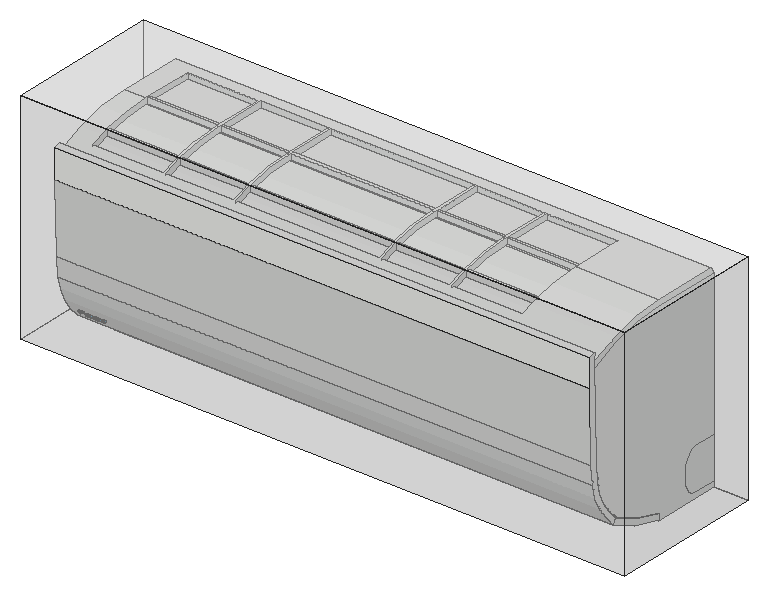
Revit family "outputfile", category 機械設備, Revit 2024
Family settings
  丸型コネクタ寸法 = 半径を使用
  パーツ タイプ = 標準
  OmniClass 番号 = 23.75.10.24.21.27.27
  OmniClass タイトル = Split System Air Conditioning Units
  作業面ベース = いいえ
  常に垂直 = はい
  ロード時にボイドで切り取り = いいえ
  注釈の向きを維持 = いいえ
  共有 = いいえ
  部屋計算ポイント = いいえ
Parameters (values of type "CTKM35RVM4")
  Description = ""
  書き出し IFC クラス(タイプ) = "IfcUnitaryEquipmentType"
  定義済み IFC タイプ(タイプ) = "AIRCONDITIONINGUNIT"
  Cost = 0
  Type Comments = ""
  Keynote = ""
  Type Image = (empty or 0)
  Assembly Code = ""
  w_wall hole = if(Width = 770.0 mm, 48.0 mm, 60.0 mm)  # 48.0 mm
  製造元 = "Daikin"
  モデル = "CTKM35RVM4"
  switch_frequency = yes
  r_Liquid Pipe Size = Liquid Pipe Size / 2  # 3.2 mm
  r_Gas Pipe Size = Gas Pipe Size / 2  # 4.75 mm
  r_Drain Pipe Size = Drain Pipe Size / 2  # 8.0 mm
  lw_powersupply [instance] = if(Width = 770.0 mm, if(or(Rear Right Connection_refrigerant, Bottom Right Connection_refrigerant), 25.0 mm, if(or(Rear Left Connection_refrigerant, Bottom Left Connection_refrigerant), 745.0 mm, 400.0 mm)), if(Width = 990.0 mm, if(or(Rear Right Connection_refrigerant, Bottom Right Connection_refrigerant), 40.0 mm, if(or(Rear Left Connection_refrigerant, Bottom Left Connection_refrigerant), 920.0 mm, 400.0 mm)), if(or(Rear Right Connection_refrigerant, Bottom Right Connection_refrigerant), 40.0 mm, if(or(Rear Left Connection_refrigerant, Bottom Left Connection_refrigerant), 920.0 mm, 400.0 mm))))  # 400.0 mm
  lw_liquidpipe [instance] = if(Width = 770.0 mm, if(or(Rear Right Connection_refrigerant, Bottom Right Connection_refrigerant), 0.0 mm, if(or(Rear Left Connection_refrigerant, Bottom Left Connection_refrigerant), 664.0 mm, 385.0 mm)), if(Width = 990.0 mm, if(or(Rear Right Connection_refrigerant, Bottom Right Connection_refrigerant), 0.0 mm, if(or(Rear Left Connection_refrigerant, Bottom Left Connection_refrigerant), 664.0 mm + (990.0 mm - 770.0 mm), 475.0 mm)), if(or(Rear Right Connection_refrigerant, Bottom Right Connection_refrigerant), 0.0 mm, if(or(Rear Left Connection_refrigerant, Bottom Left Connection_refrigerant), 664.0 mm + (990.0 mm - 770.0 mm), 475.0 mm))))  # 385.0 mm
  lw_gaspipe [instance] = if(Width = 770.0 mm, if(or(Rear Right Connection_refrigerant, Bottom Right Connection_refrigerant), 0.0 mm, if(or(Rear Left Connection_refrigerant, Bottom Left Connection_refrigerant), 675.0 mm, if(Gas Pipe Size = 12.7 mm, 335.0 mm, 335.0 mm))), if(Width = 990.0 mm, if(or(Rear Right Connection_refrigerant, Bottom Right Connection_refrigerant), 10.0 mm, if(or(Rear Left Connection_refrigerant, Bottom Left Connection_refrigerant), 890.0 mm, if(Gas Pipe Size = 15.9 mm, 400.0 mm, 400.0 mm))), if(or(Rear Right Connection_refrigerant, Bottom Right Connection_refrigerant), 10.0 mm, if(or(Rear Left Connection_refrigerant, Bottom Left Connection_refrigerant), 890.0 mm, if(Gas Pipe Size = 15.9 mm, 400.0 mm, 400.0 mm)))))  # 335.0 mm
  lw_drainpipe [instance] = if(Width = 770.0 mm, if(or(Rear Right Connection_refrigerant, Bottom Right Connection_refrigerant), 0.0 mm, if(or(Rear Left Connection_refrigerant, Bottom Left Connection_refrigerant), 770.0 mm - 48.0 mm - 48.0 mm, 440.0 mm)), if(Width = 990.0 mm, if(or(Rear Right Connection_refrigerant, Bottom Right Connection_refrigerant), 0.0 mm, if(or(Rear Left Connection_refrigerant, Bottom Left Connection_refrigerant), 675.0 mm + (990.0 mm - 770.0 mm), 435.0 mm)), if(or(Rear Right Connection_refrigerant, Bottom Right Connection_refrigerant), 0.0 mm, if(or(Rear Left Connection_refrigerant, Bottom Left Connection_refrigerant), 675.0 mm + (990.0 mm - 770.0 mm), 435.0 mm))))  # 440.0 mm
  l_powersupply_length [instance] = if(Width = 770.0 mm, if(Right Connection_refrigerant, 400.0 mm, if(Left Connection_refrigerant, 770.0 mm - 400.0 mm, if(or(Rear Left Connection_refrigerant, Rear Right Connection_refrigerant), 15.0 mm, 50.0 mm))), if(Width = 990.0 mm, if(Right Connection_refrigerant, 400.0 mm, if(Left Connection_refrigerant, 990.0 mm - 400.0 mm, if(or(Rear Left Connection_refrigerant, Rear Right Connection_refrigerant), 15.0 mm, 50.0 mm))), if(Right Connection_refrigerant, 400.0 mm, if(Left Connection_refrigerant, 990.0 mm - 400.0 mm, if(or(Rear Left Connection_refrigerant, Rear Right Connection_refrigerant), 15.0 mm, 50.0 mm)))))  # 400.0 mm
  l_liquidpipe_length [instance] = if(Width = 770.0 mm, if(Right Connection_refrigerant, 433.0 mm, if(Left Connection_refrigerant, 337.0 mm, if(or(Rear Left Connection_refrigerant, Rear Right Connection_refrigerant), 30.0 mm, 40.0 mm))), if(Width = 990.0 mm, if(Right Connection_refrigerant, 535.0 mm, if(Left Connection_refrigerant, 455.0 mm, if(or(Rear Left Connection_refrigerant, Rear Right Connection_refrigerant), 30.0 mm, 40.0 mm))), if(Right Connection_refrigerant, 535.0 mm, if(Left Connection_refrigerant, 455.0 mm, if(or(Rear Left Connection_refrigerant, Rear Right Connection_refrigerant), 30.0 mm, 40.0 mm)))))  # 433.0 mm
  l_gaspipe_length [instance] = if(Width = 770.0 mm, if(Right Connection_refrigerant, if(Gas Pipe Size = 12.7 mm, 383.0 mm, 383.0 mm), if(Left Connection_refrigerant, if(Gas Pipe Size = 12.7 mm, 770.0 mm - 383.0 mm, 770.0 mm - 383.0 mm), if(or(Rear Left Connection_refrigerant, Rear Right Connection_refrigerant), 40.0 mm, 50.0 mm))), if(Width = 990.0 mm, if(Right Connection_refrigerant, if(Gas Pipe Size = 15.9 mm, 460.0 mm, 460.0 mm), if(Left Connection_refrigerant, if(Gas Pipe Size = 15.9 mm, 990.0 mm - 460.0 mm, 990.0 mm - 460.0 mm), if(or(Rear Left Connection_refrigerant, Rear Right Connection_refrigerant), 40.0 mm, 50.0 mm))), if(Right Connection_refrigerant, if(Gas Pipe Size = 15.9 mm, 460.0 mm, 460.0 mm), if(Left Connection_refrigerant, if(Gas Pipe Size = 15.9 mm, 990.0 mm - 460.0 mm, 990.0 mm - 460.0 mm), if(or(Rear Left Connection_refrigerant, Rear Right Connection_refrigerant), 40.0 mm, 50.0 mm)))))  # 383.0 mm
  l_drainpipe_length [instance] = if(Width = 770.0 mm, if(Right Connection_refrigerant, 488.0 mm, if(Left Connection_refrigerant, 282.0 mm, if(or(Rear Left Connection_refrigerant, Rear Right Connection_refrigerant), 15.0 mm, 20.0 mm))), if(Width = 990.0 mm, if(Right Connection_refrigerant, 495.0 mm, if(Left Connection_refrigerant, 495.0 mm, if(or(Rear Left Connection_refrigerant, Rear Right Connection_refrigerant), 15.0 mm, 20.0 mm))), if(Right Connection_refrigerant, 495.0 mm, if(Left Connection_refrigerant, 495.0 mm, if(or(Rear Left Connection_refrigerant, Rear Right Connection_refrigerant), 15.0 mm, 20.0 mm)))))  # 488.0 mm
  h*** = 0.0 mm  # constant formula
  connector_voltage = Voltage_50Hz  # 230 V
  connector_powerinput = [Power Input (Cooling)]  # 0.000 kW
  connector_phase = Phase_50Hz  # 1
  angle_vertical [instance] = if(or(Bottom Left Connection_refrigerant, Bottom Right Connection_refrigerant), 0.00°, 90.00°)  # 90.00°
  angle_horizontal [instance] = if(Right Connection_refrigerant, 90.00°, if(Left Connection_refrigerant, -90.00°, if(or(Rear Left Connection_refrigerant, Rear Right Connection_refrigerant), 180.00°, 0.00°)))  # 90.00°
  Width = 770.0 mm
  Voltage_comment_50Hz = "220 - 240"
  Voltage_50Hz = 230 V
  Version = "ver.1.0"
  Unit Type = "Wall Mounted"
  Unit Mass Weight = 8.00 kg
  Unit Designation [instance] = ""
  Uniclass2015Version = "Products v1.30"
  Uniclass2015Title = "Split coil room air conditioning units"
  Uniclass2015Code = "Pr_70_65_03_86"
  URL = ""
  Total Cooling Capacity [instance] = 0.000 kW
  Sound Pressure Level_M speed (dBA) = 34
  Sound Pressure Level_L speed (dBA) = 26
  Sound Pressure Level_H speed (dBA) = 42
  Sound Power Level_H speed (dB) = 0
  Series = "Multi Split_Fan Coil Unit"
  Sensible Cooling Capacity [instance] = 0.000 kW
  Refrigerant Type = "R32"
  Power Input (Cooling) = 0.000 kW
  Phase_50Hz = 1
  Option Accessory 3 [instance] = ""
  Option Accessory 2 [instance] = ""
  Option Accessory 1 [instance] = ""
  Nominal Cooling Capacity = 3.500 kW
  Minimum Circuit Amps_50Hz = 0.0 A
  Minimum Airflow = 336.00 m³/h
  Median Airflow = 516.00 m³/h
  Maximum Fuse Amps_50Hz = 0.0 A
  Maximum Airflow = 702.00 m³/h
  Material_Casing = DAIKIN_White_Casing_indoorunit
  Load Classification = HVAC
  Liquid Pipe Size = 6.4 mm
  Link_Nested Family [instance] = ""
  IfcVersion = ""
  IfcExportType = "AIRCONDITIONINGUNIT"
  IfcExportAs = "IfcUnitaryEquipmentType"
  Height = 285.0 mm
  Heat Exchanger Type = "Cross Fin Coil"
  Gas Pipe Size = 9.5 mm
  Frequency_50Hz = 50 Hz
  Fan Type = "Cross Flow Fan"
  Fan Drive = "Direct Drive"
  FCU Tag No. [instance] = ""
  Drain Pipe Size = 16.0 mm
  Design Supply Airflow [instance] = 0.00 m³/h
  Depth = 223.0 mm
  既定の高さ = 0.0 mm
  Cooling Entering Wet Bulb Temperature [instance] = 0.00 °C
  Cooling Entering Dry Bulb Temperature [instance] = 0.00 °C
  Cooling Ambient Wet Bulb Temperature [instance] = 0.00 °C
  Cooling Ambient Dry Bulb Temperature [instance] = 0.00 °C
  Clearance visibility [instance] = yes
  Clearance Top = 30.0 mm
  Clearance Right = 50.0 mm
  Clearance Rear = 0.0 mm
  Clearance Left = 50.0 mm
  Clearance Front = 0.0 mm
  Clearance Bottom = 0.0 mm
  Bottom Right Connection_refrigerant [instance] = no
  Bottom Left Connection_refrigerant [instance] = no
  Rear Right Connection_refrigerant [instance] = no
  Rear Left Connection_refrigerant [instance] = no
  Right Connection_refrigerant [instance] = yes
  Left Connection_refrigerant [instance] = no
Reference planes
  plane 1 "Back": y = 0
  plane 2: z = 0
  plane 3 "Center (Left/Right)": x = 0
  plane 4 "Center (Front/Back)": y = -111.5
  plane 5 "Front": y = -223
  plane 6 "Left": x = -385
  plane 7 "Right": x = 385
  plane 8 "Top": z = 0
  plane 9 "Bottom": z = -285
  plane 10: x = -435
  plane 11: x = 435
  plane 12: y = 0
  plane 13: y = -223
  plane 14: z = 30
  plane 15: z = -285
  plane 16 "lw_Piping and Wiring intake": x = 337
  plane 17 "lw_gaspipe": x = 2
  plane 18 "lw_liquidpipe": x = -48
  plane 19 "lw_drainpipe": x = -103
  plane 20 "lh_drainpipe": z = -265
  plane 21 "lh_liquidpipe": z = -245
  plane 22 "lh_gaspipe": z = -235
  plane 23 "ld_drainpipe": y = -15
  plane 24 "ld_liquidpipe": y = -30
  plane 25 "ld_gaspipe": y = -40
  plane 26 "lw_powersupply": x = -15
Dimensions and locks
  equal spacing: plane 6 "Left", plane 3 "Center (Left/Right)", plane 7 "Right"
  "Width": plane 6 "Left" to plane 7 "Right"
  equal spacing: plane 5 "Front", plane 4 "Center (Front/Back)", plane 1 "Back"
  "Depth": plane 5 "Front" to plane 1 "Back"
  "Height": plane 8 "Top" to plane 9 "Bottom"
  "Clearance Rear": plane 12 to plane 1 "Back"
  "Clearance Front": plane 13 to plane 5 "Front"
  "Clearance Top": plane 14 to plane 8 "Top"
  "Clearance Bottom": plane 9 "Bottom" to plane 15
  "w_wall hole": plane 16 "lw_Piping and Wiring intake" to plane 7 "Right"
  "lw_gaspipe": plane 17 "lw_gaspipe" to plane 16 "lw_Piping and Wiring intake"
  "lw_liquidpipe": plane 18 "lw_liquidpipe" to plane 16 "lw_Piping and Wiring intake"
  "lw_drainpipe": plane 19 "lw_drainpipe" to plane 16 "lw_Piping and Wiring intake"
  locked: plane 20 "lh_drainpipe" to plane 9 "Bottom" at 20
  locked: plane 21 "lh_liquidpipe" to plane 9 "Bottom" at 40
  locked: plane 22 "lh_gaspipe" to plane 9 "Bottom" at 50
  locked: plane 23 "ld_drainpipe" to plane 1 "Back" at 15
  locked: plane 1 "Back" to plane 24 "ld_liquidpipe" at 30
  locked: plane 1 "Back" to plane 25 "ld_gaspipe" at 40
  "lw_powersupply": plane 26 "lw_powersupply" to plane 7 "Right"
  "Clearance Left": plane 10 to plane 6 "Left"
  "Clearance Right": plane 7 "Right" to plane 11
  aligned and locked: level to plane 2
  aligned and locked: plane 12 to nested 1
  aligned and locked: nested 1 to plane 13
  aligned and locked: plane 10 to nested 1
  aligned and locked: plane 11 to nested 1
  aligned and locked: plane 15 to nested 1
  aligned and locked: plane 14 to nested 1
  aligned and locked: plane 17 "lw_gaspipe" to nested 2
  aligned and locked: nested 2 to plane 25 "ld_gaspipe"
  aligned and locked: plane 18 "lw_liquidpipe" to nested 3
  aligned and locked: nested 3 to plane 24 "ld_liquidpipe"
  aligned and locked: plane 19 "lw_drainpipe" to nested 4
  aligned and locked: nested 4 to plane 23 "ld_drainpipe"
  aligned and locked: nested 5 to plane 23 "ld_drainpipe"
  aligned and locked: plane 26 "lw_powersupply" to nested 5
  aligned and locked: level to plane 8 "Top"
  aligned and locked: plane 3 "Center (Left/Right)" to nested 6
  aligned and locked: plane 1 "Back" to nested 6
  aligned and locked: plane 8 "Top" to nested 6
Nested families
  nested 1: "daikin_clearancespace" at (0, -111.5, -127.381), show <- "Clearance visibility", visible <- "Clearance visibility", Link_Nested Family <- "Link_Nested Family", type "daikin_clearancespace"
    with width 870.0 mm, show yes, height 315.0 mm, depth 223.0 mm, Link_Nested Family ""
  nested 2: "daikin_connector_rotate3" at (2, -40, -235), angle_vertical <- "angle_vertical", angle_horizontal <- "angle_horizontal", length <- "l_gaspipe_length", radius <- "r_Gas Pipe Size", type "daikin_connector_rotate3"
    with show no, radius 4.75 mm, length 383.0 mm, angle_vertical 90.00°, angle_horizontal 90.00°
  nested 3: "daikin_connector_rotate3" at (-48, -30, -245), angle_vertical <- "angle_vertical", angle_horizontal <- "angle_horizontal", radius <- "r_Liquid Pipe Size", length <- "l_liquidpipe_length", type "daikin_connector_rotate3"
    with show no, radius 3.2 mm, length 433.0 mm, angle_vertical 90.00°, angle_horizontal 90.00°
  nested 4: "daikin_connector_rotate3" at (-103, -15, -265), angle_vertical <- "angle_vertical", angle_horizontal <- "angle_horizontal", length <- "l_drainpipe_length", radius <- "r_Drain Pipe Size", type "daikin_connector_rotate3"
    with show no, radius 8.0 mm, length 488.0 mm, angle_vertical 90.00°, angle_horizontal 90.00°
  nested 5: "daikin_connector_rotate3" at (-15, -15, -235), angle_vertical <- "angle_vertical", angle_horizontal <- "angle_horizontal", length <- "l_powersupply_length", type "daikin_connector_rotate3"
    with show no, radius 10.0 mm, length 400.0 mm, angle_vertical 90.00°, angle_horizontal 90.00°
  nested 6: "DAIKIN_indoorunit_CTKM-RVM4" at (-31, 0, 0), type "CTKM-RVM4"
Connectors
  piping at (385, -40, -235), diameter 9.5, driven by "r_Gas Pipe Size"
    settings: on nested 2, index 1, connector inside diameter 609.6 mm, connector length 0.0 mm, flow factor 0, pipe flow 0.00 m³/h, pressure drop 0.0 Pa, fitting loss kfactor 0, connector angle 0.00°, fixture units 0, engagement length 0.0 mm, angle of deflection 0.00°, flow configuration 1, flow direction 2, fitting loss method 0, system type 29, joint type 0, gender type 0, connector reference index -1, connector utility 0, adjustable connector no, is connector primary yes, connector description "Refrigerant Gas Piping"
  piping at (385, -30, -245), diameter 6.4, driven by "r_Liquid Pipe Size"
    settings: on nested 3, index 2, connector inside diameter 609.6 mm, connector length 0.0 mm, flow factor 0, pipe flow 0.00 m³/h, pressure drop 0.0 Pa, fitting loss kfactor 0, connector angle 0.00°, fixture units 0, engagement length 0.0 mm, angle of deflection 0.00°, flow configuration 1, flow direction 1, fitting loss method 0, system type 29, joint type 0, gender type 0, connector reference index -1, connector utility 0, adjustable connector no, is connector primary no, connector description "Refrigerant Liquid Piping"
  piping at (385, -15, -265), diameter 16, driven by "r_Drain Pipe Size"
    settings: on nested 4, index 3, connector inside diameter 609.6 mm, connector length 0.0 mm, flow factor 0, pipe flow 0.00 m³/h, pressure drop 0.0 Pa, fitting loss kfactor 0, connector angle 0.00°, fixture units 0, engagement length 0.0 mm, angle of deflection 0.00°, flow configuration 1, flow direction 2, fitting loss method 4, system type 16, joint type 0, gender type 0, connector reference index -1, connector utility 0, adjustable connector no, is connector primary no, connector description "Condensate Drain Piping"
  electrical at (385, -15, -235), driven by "Load Classification", driven by "connector_powerinput", driven by "connector_phase", driven by "connector_voltage"
    settings: on nested 5, index 4, voltage 230 V, apparent load 0 VA, apparent load phase1 0 VA, apparent load phase2 0 VA, apparent load phase3 0 VA, power factor 1, load classification "HVAC", number of poles 1, system type 30, power factor state 1, is connector primary yes, connector utility no, sub classification motor no, connector description "Power Supply"
Definition of nested family "daikin_clearancespace"
  Parameters (values of type "daikin_clearancespace")
    Description = "daikin_clearancespace"
    width [instance] = 1823.963 mm
    show [instance] = yes
    material = none
    height [instance] = 1359.762 mm
    depth [instance] = 880.0 mm
    Default Elevation = 0.0 mm
    Link_Nested Family [instance] = ""
  Reference planes
    plane 1 "Center (Front/Back)": y = 0
    plane 2 "Center (Elevation)": z = -0.119
    plane 3 "Center (Left/Right)": x = 0
    plane 4: y = 440
    plane 5: y = -440
    plane 6 "Right": x = 911.982
    plane 7 "Left": x = -911.982
    plane 8 "Top": z = 679.762
    plane 9 "Bottom": z = -680
  Forms (mm)
    Extrusion 1, solid, material <- "material", visible <- "show"
      sketch origin (0, 0, 0) x (1, 0, 0) y (0, 1, 0)
        loop
          line (-911.982, 440) -> (-911.982, -440) -> (911.982, -440) -> (911.982, 440) -> (-911.982, 440)
      from -680 to 679.762
  Lines and regions (mm)
    symbolic lines, visible <- "show"
      curve 1: line (911.982, 440, 0) -> (-911.982, 440, 0)
      curve 2: line (-911.982, 440, 0) -> (-911.982, -440, 0)
      curve 3: line (-911.982, -440, 0) -> (911.982, -440, 0)
      curve 4: line (911.982, -440, 0) -> (911.982, 440, 0)
      curve 5: line (911.982, 0, 679.762) -> (-911.982, 0, 679.762)
      curve 6: line (911.982, 0, -680) -> (911.982, 0, 679.762)
      curve 7: line (-911.982, 0, -680) -> (911.982, 0, -680)
      curve 8: line (-911.982, 0, 679.762) -> (-911.982, 0, -680)
      curve 9: line (0, 440, 679.762) -> (0, -440, 679.762)
      curve 10: line (0, -440, 679.762) -> (0, -440, -680)
      curve 11: line (0, 440, -680) -> (0, 440, 679.762)
      curve 12: line (0, -440, -680) -> (0, 440, -680)
  Dimensions and locks
    "width": plane 7 "Left" to plane 6 "Right"
    "depth": plane 4 to plane 5
    "height": plane 8 "Top" to plane 9 "Bottom"
    equal spacing: plane 7 "Left", plane 3 "Center (Left/Right)", plane 6 "Right"
    equal spacing: plane 4, plane 1 "Center (Front/Back)", plane 5
    equal spacing: plane 8 "Top", plane 2 "Center (Elevation)", plane 9 "Bottom"
    aligned and locked: level to plane 2 "Center (Elevation)"
    aligned and locked: Extrusion 1 sketch curve to plane 4
    aligned and locked: plane 7 "Left" to Extrusion 1 sketch curve
    aligned and locked: Extrusion 1 sketch curve to plane 5
    aligned and locked: Extrusion 1 sketch curve to plane 6 "Right"
    aligned and locked: plane 8 "Top" to Extrusion 1
    aligned and locked: curve 1 to Extrusion 1
    aligned and locked: curve 2 to Extrusion 1
    aligned and locked: curve 3 to Extrusion 1
    aligned and locked: curve 4 to Extrusion 1
    aligned and locked: curve 5 to Extrusion 1
    aligned and locked: curve 6 to Extrusion 1
    aligned and locked: curve 7 to Extrusion 1
    aligned and locked: curve 8 to Extrusion 1
    aligned and locked: curve 9 to Extrusion 1
    aligned and locked: curve 10 to Extrusion 1
    aligned and locked: curve 11 to Extrusion 1
    aligned and locked: curve 12 to Extrusion 1
    aligned and locked: Extrusion 1 to plane 9 "Bottom"
Definition of nested family "DAIKIN_indoorunit_CTKM-RVM4"
  Parameters (values of type "CTKM-RVM4")
    switch_unit1_50-60 = Width = 990.0 mm  # no
    switch_unit1_25-35 = Width = 770.0 mm  # yes
    Width = 770.0 mm
    WALL HOLE-R = if(Width = 770.0 mm, 48.0 mm, 60.0 mm)  # 48.0 mm
    WALL HOLE Size = if(Width = 770.0 mm, 65.0 mm, 80.0 mm)  # 65.0 mm
    Material_Casing = none
    Height = if(Width = 770.0 mm, 285.0 mm, 295.0 mm)  # 285.0 mm
    Default Elevation = 0.0 mm
  Reference planes
    plane 1 "Center (Front/Back)": y = 0
    plane 2 "reference_level": z = 0
    plane 3 "Center (Left/Right)": x = 31
    plane 4: x = -354
    plane 5: x = 416
    plane 6: z = -285
  Forms (mm)
    Extrusion 1, solid, material <- "Material_Casing", visible <- "switch_unit1_25-35"
      sketch origin (29, 0, 0) x (0, 1, 0) y (0, 0, 1)
        loop
          line (-5, 0) -> (-98, 0)
          arc (-98, 0) -> (-157.611, -7.211) -> (-213.783, -28.427) r 250
          arc (-213.783, -28.427) -> (-213.842, -32.972) -> (-213.892, -37.516) r 2191
          arc (-213.892, -37.516) -> (-157.832, -15.495) -> (-98.07, -8) r 242
          line (-98.07, -8) -> (0, -8) -> (-5, 0)
      from -383 to 387
    Extrusion 2, solid, material <- "Material_Casing", visible <- "switch_unit1_25-35"
      sketch origin (416, 1296.25, 1200) x (0, 1, 0) y (0, 0, 1)
        loop
          line (-1472.998, -1446.91) -> (-1476.998, -1453.839)
          arc (-1476.998, -1453.839) -> (-1437.481, -1472.422) -> (-1395.25, -1483.538) r 240
          line (-1395.25, -1483.538) -> (-1395.25, -1475.422)
          arc (-1395.25, -1475.422) -> (-1435.407, -1464.663) -> (-1472.998, -1446.91) r 232
      from 0 to -47.5
    Extrusion 3, solid, material <- "Material_Casing", visible <- "switch_unit1_25-35"
      sketch origin (29, 0, 0) x (0, 1, 0) y (0, 0, 1)
        loop
          arc (-223, -60.455) -> (-222.414, -110.646) -> (-220.656, -160.81) r 2149.92
          arc (-220.656, -160.81) -> (-219.65, -174.299) -> (-217.853, -187.706) r 229.911
          arc (-217.853, -187.706) -> (-205.371, -223.594) -> (-181.517, -253.17) r 111
          line (-181.517, -253.17) -> (-177.429, -246.093)
          arc (-177.429, -246.093) -> (-198.77, -218.989) -> (-209.965, -186.36) r 103
          arc (-209.965, -186.36) -> (-211.681, -173.586) -> (-212.651, -160.735) r 221.844
          arc (-212.651, -160.735) -> (-214.739, -93.233) -> (-214.74, -25.699) r 2186.828
          arc (-214.74, -25.699) -> (-214.671, -21.467) -> (-214.594, -17.235) r 2192
          line (-214.594, -17.235) -> (-223, -19.961) -> (-223, -60.455)
      from -383 to 387
    Extrusion 4, solid, material <- "Material_Casing", visible <- "switch_unit1_25-35"
      sketch origin (29, 0, -20) x (0, 1, 0) y (0, 0, 1)
        loop
          line (0, -265) -> (0, 12) -> (-98.07, 12)
          arc (-98.07, 12) -> (-157.832, 4.505) -> (-213.892, -17.516) r 242
          arc (-213.892, -17.516) -> (-213.638, -79.114) -> (-211.653, -140.681) r 2191
          arc (-211.653, -140.681) -> (-210.685, -153.501) -> (-208.973, -166.243) r 221
          arc (-208.973, -166.243) -> (-197.471, -199.282) -> (-175.482, -226.491) r 102
          arc (-175.482, -226.491) -> (-138.004, -244.019) -> (-98, -254.579) r 231
          line (-98, -254.579) -> (-98, -265) -> (0, -265)
      from -383 to 387
    Extrusion 5, solid, material <- "Material_Casing", visible <- "switch_unit1_25-35"
      sketch origin (-354, 1296.25, 1200) x (0, 1, 0) y (0, 0, 1)
        loop
          line (-1472.998, -1446.91) -> (-1476.998, -1453.839)
          arc (-1476.998, -1453.839) -> (-1437.481, -1472.422) -> (-1395.25, -1483.538) r 240
          line (-1395.25, -1483.538) -> (-1395.25, -1475.422)
          arc (-1395.25, -1475.422) -> (-1435.407, -1464.663) -> (-1472.998, -1446.91) r 232
      from 47 to 0
    Extrusion 6, solid, material <- "Material_Casing", visible <- "switch_unit1_25-35"
      sketch origin (416, 1296.25, 1200) x (0, 1, 0) y (0, 0, 1)
        loop
          line (-1472.998, -1446.91) -> (-1476.998, -1453.839)
          arc (-1476.998, -1453.839) -> (-1443.437, -1470.168) -> (-1407.75, -1481.097) r 240
          line (-1407.75, -1481.097) -> (-1407.75, -1472.894)
          arc (-1407.75, -1472.894) -> (-1441.363, -1462.385) -> (-1472.998, -1446.91) r 232
      from -116.993 to -48.493
    Extrusion 7, solid, material <- "Material_Casing", visible <- "switch_unit1_25-35"
      sketch origin (416, 1296.25, 1200) x (0, 1, 0) y (0, 0, 1)
        loop
          line (-1472.998, -1446.91) -> (-1476.998, -1453.839)
          arc (-1476.998, -1453.839) -> (-1443.437, -1470.168) -> (-1407.75, -1481.097) r 240
          line (-1407.75, -1481.097) -> (-1407.75, -1472.894)
          arc (-1407.75, -1472.894) -> (-1441.363, -1462.385) -> (-1472.998, -1446.91) r 232
      from -717 to -121.993
    Extrusion 8, void
      sketch origin (31, 0, -235) x (1, 0, 0) y (0, 1, 0)
        loop
          line (-252.674, -22.316) -> (-354.941, -22.316) -> (-354.941, -91.341) -> (-252.674, -91.341) -> (-252.674, -22.316)
        loop
          line (-249.341, -91.341) -> (-151.574, -91.341) -> (-151.574, -22.316) -> (-249.341, -22.316) -> (-249.341, -91.341)
        loop
          line (58.309, -22.316) -> (-148.309, -22.316) -> (-148.309, -91.341) -> (58.309, -91.341) -> (58.309, -22.316)
        loop
          line (61.689, -22.316) -> (61.689, -91.341) -> (159.457, -91.341) -> (159.457, -22.316) -> (61.689, -22.316)
        loop
          line (162.789, -22.316) -> (162.789, -91.341) -> (265.057, -91.341) -> (265.057, -22.316) -> (162.789, -22.316)
        loop
          line (-354.941, -94.659) -> (-354.941, -165.259) -> (-252.674, -165.259) -> (-252.674, -94.659) -> (-354.941, -94.659)
        loop
          line (-249.341, -94.659) -> (-249.341, -165.259) -> (-151.574, -165.259) -> (-151.574, -94.659) -> (-249.341, -94.659)
        loop
          line (-148.309, -94.659) -> (-148.309, -165.259) -> (58.309, -165.259) -> (58.309, -94.659) -> (-148.309, -94.659)
        loop
          line (61.689, -94.659) -> (61.689, -165.259) -> (159.457, -165.259) -> (159.457, -94.659) -> (61.689, -94.659)
        loop
          line (162.789, -94.659) -> (162.789, -165.259) -> (265.057, -165.259) -> (265.057, -94.659) -> (162.789, -94.659)
        loop
          line (-354.941, -167.382) -> (-354.941, -192.681) -> (-252.674, -192.681) -> (-252.674, -167.382) -> (-354.941, -167.382)
        loop
          line (-249.341, -167.382) -> (-249.341, -192.681) -> (-151.574, -192.681) -> (-151.574, -167.382) -> (-249.341, -167.382)
        loop
          line (-148.309, -167.382) -> (-148.309, -192.681) -> (58.309, -192.681) -> (58.309, -167.382) -> (-148.309, -167.382)
        loop
          line (159.457, -167.382) -> (61.689, -167.382) -> (61.689, -192.681) -> (159.457, -192.681) -> (159.457, -167.382)
        loop
          line (265.057, -167.382) -> (162.789, -167.382) -> (162.789, -192.681) -> (265.057, -192.681) -> (265.057, -167.382)
      from 201.638 to 250
    Extrusion 9, solid, material <- "Material_Casing"
      sketch origin (31, 0, 0) x (1, 0, 0) y (0, 0, 1)
        loop
          circle (337, -240.5) r 32.5
        loop
          circle (-337, -240.5) r 32.5
      from 0 to 5
    Extrusion 10, solid, material <- "Material_Casing", visible <- "switch_unit1_25-35"
      sketch origin (416, 1296.25, 1200) x (0, -1, 0) y (0, 0, 1)
        loop
          line (1326.25, -1417) -> (1296.25, -1417) -> (1296.25, -1477) -> (1326.25, -1477)
          arc (1326.25, -1477) -> (1340.393, -1471.142) -> (1346.25, -1457) r 20
          line (1346.25, -1457) -> (1346.25, -1437)
          arc (1346.25, -1437) -> (1340.393, -1422.858) -> (1326.25, -1417) r 20
      from 0 to 5
    Extrusion 11, solid, material <- "Material_Casing", visible <- "switch_unit1_25-35"
      sketch origin (-354, 1296.25, 1200) x (0, 1, 0) y (0, 0, 1)
        loop
          line (-1296.25, -1417) -> (-1326.25, -1417)
          arc (-1326.25, -1417) -> (-1340.393, -1422.858) -> (-1346.25, -1437) r 20
          line (-1346.25, -1437) -> (-1346.25, -1457)
          arc (-1346.25, -1457) -> (-1340.393, -1471.142) -> (-1326.25, -1477) r 20
          line (-1326.25, -1477) -> (-1296.25, -1477) -> (-1296.25, -1417)
      from 0 to 5
    Extrusion 12, solid, material <- "Material_Casing", visible <- "switch_unit1_25-35"
      sketch origin (31, 0, -285) x (-1, 0, 0) y (0, -1, 0)
        loop
          line (-314, 0) -> (-314, 30)
          arc (-314, 30) -> (-319.858, 44.142) -> (-334, 50) r 20
          line (-334, 50) -> (-354, 50)
          arc (-354, 50) -> (-368.142, 44.142) -> (-374, 30) r 20
          line (-374, 30) -> (-374, 0) -> (-314, 0)
        loop
          line (374, 0) -> (374, 30)
          arc (374, 30) -> (368.142, 44.142) -> (354, 50) r 20
          line (354, 50) -> (334, 50)
          arc (334, 50) -> (319.858, 44.142) -> (314, 30) r 20
          line (314, 30) -> (314, 0) -> (374, 0)
      from 0 to 5
    Extrusion 13, solid, material <- "Material_Casing", visible <- "switch_unit1_50-60"
      sketch origin (31, 0, 0) x (0, 1, 0) y (0, 0, 1)
        loop
          line (-5, 0) -> (-138, 0)
          arc (-138, 0) -> (-197.611, -7.211) -> (-253.783, -28.427) r 250
          arc (-253.783, -28.427) -> (-253.838, -32.687) -> (-253.886, -36.946) r 2191
          arc (-253.886, -36.946) -> (-197.73, -15.346) -> (-138.014, -8) r 246.393
          line (-138.014, -8) -> (0, -8) -> (-5, 0)
      from -495 to 495
    Extrusion 14, solid, material <- "Material_Casing", visible <- "switch_unit1_50-60"
      sketch origin (418, 1296.25, 1200) x (0, 1, 0) y (0, 0, 1)
        loop
          arc (-1515.208, -1454.149) -> (-1506.856, -1460.599) -> (-1497.925, -1466.219) r 110
          arc (-1497.925, -1466.219) -> (-1445.718, -1487.493) -> (-1389.844, -1494.995) r 223
          line (-1389.844, -1494.995) -> (-1389.844, -1486.086) -> (-1404.386, -1486.086)
          arc (-1404.386, -1486.086) -> (-1449.542, -1477.46) -> (-1491.818, -1459.402) r 214.289
          arc (-1491.818, -1459.402) -> (-1501.056, -1453.541) -> (-1509.606, -1446.715) r 101
          line (-1509.606, -1446.715) -> (-1515.208, -1454.149)
      from 108 to 57.5
    Extrusion 15, solid, material <- "Material_Casing", visible <- "switch_unit1_50-60"
      sketch origin (31, 0, 0) x (0, 1, 0) y (0, 0, 1)
        loop
          line (-263, -19.962) -> (-263, -61.6)
          arc (-263, -61.6) -> (-262.414, -110.219) -> (-260.656, -158.81) r 2017.341
          arc (-260.656, -158.81) -> (-255.648, -191.935) -> (-244.041, -223.362) r 164.725
          arc (-244.041, -223.362) -> (-233.569, -239.793) -> (-219.717, -253.495) r 87.379
          line (-219.717, -253.495) -> (-214.706, -246.846)
          arc (-214.706, -246.846) -> (-229.564, -230.029) -> (-240.385, -210.371) r 102
          arc (-240.385, -210.371) -> (-249.049, -182.962) -> (-252.848, -154.467) r 165.789
          arc (-252.848, -154.467) -> (-254.771, -90.102) -> (-254.74, -25.708) r 2122.533
          arc (-254.74, -25.708) -> (-254.671, -21.469) -> (-254.594, -17.23) r 2192
          line (-254.594, -17.23) -> (-263, -19.962)
      from -495 to 495
    Extrusion 16, void
      sketch origin (33, 0, 0) x (1, 0, 0) y (0, 1, 0)
        loop
          line (-466.909, -22.316) -> (-466.909, -111.341) -> (-366.303, -111.341) -> (-366.303, -22.316) -> (-466.909, -22.316)
        loop
          line (-362.71, -22.316) -> (-362.71, -111.341) -> (-262.103, -111.341) -> (-262.103, -22.316) -> (-362.71, -22.316)
        loop
          line (-258.51, -22.316) -> (-258.51, -111.341) -> (-157.904, -111.341) -> (-157.904, -22.316) -> (-258.51, -22.316)
        loop
          line (-154.31, -22.316) -> (-154.31, -111.341) -> (-53.704, -111.341) -> (-53.704, -22.316) -> (-154.31, -22.316)
        loop
          line (-50.11, -22.316) -> (-50.11, -111.341) -> (50.496, -111.341) -> (50.496, -22.316) -> (-50.11, -22.316)
        loop
          line (54.089, -22.316) -> (54.089, -111.341) -> (154.696, -111.341) -> (154.696, -22.316) -> (54.089, -22.316)
        loop
          line (158.289, -22.316) -> (158.289, -111.341) -> (258.895, -111.341) -> (258.895, -22.316) -> (158.289, -22.316)
        loop
          line (262.489, -22.316) -> (262.489, -111.341) -> (363.095, -111.341) -> (363.095, -22.316) -> (262.489, -22.316)
        loop
          line (-466.909, -114.459) -> (-466.909, -185.059) -> (-366.303, -185.059) -> (-366.303, -114.459) -> (-466.909, -114.459)
        loop
          line (-362.71, -114.459) -> (-362.71, -185.059) -> (-262.103, -185.059) -> (-262.103, -114.459) -> (-362.71, -114.459)
        loop
          line (-258.51, -114.459) -> (-258.51, -185.059) -> (-157.904, -185.059) -> (-157.904, -114.459) -> (-258.51, -114.459)
        loop
          line (-154.31, -114.459) -> (-154.31, -185.059) -> (-53.704, -185.059) -> (-53.704, -114.459) -> (-154.31, -114.459)
        loop
          line (-50.11, -114.459) -> (-50.11, -185.059) -> (50.496, -185.059) -> (50.496, -114.459) -> (-50.11, -114.459)
        loop
          line (54.089, -114.459) -> (54.089, -185.059) -> (154.696, -185.059) -> (154.696, -114.459) -> (54.089, -114.459)
        loop
          line (158.289, -114.459) -> (158.289, -185.059) -> (258.895, -185.059) -> (258.895, -114.459) -> (158.289, -114.459)
        loop
          line (262.489, -114.459) -> (262.489, -185.059) -> (363.095, -185.059) -> (363.095, -114.459) -> (262.489, -114.459)
        loop
          line (-466.909, -187.382) -> (-466.909, -232.681) -> (-366.303, -232.681) -> (-366.303, -187.382) -> (-466.909, -187.382)
        loop
          line (-362.71, -187.382) -> (-362.71, -232.681) -> (-262.103, -232.681) -> (-262.103, -187.382) -> (-362.71, -187.382)
        loop
          line (-258.51, -187.382) -> (-258.51, -232.681) -> (-157.904, -232.681) -> (-157.904, -187.382) -> (-258.51, -187.382)
        loop
          line (-154.31, -187.382) -> (-154.31, -232.681) -> (-53.704, -232.681) -> (-53.704, -187.382) -> (-154.31, -187.382)
        loop
          line (-50.11, -187.382) -> (-50.11, -232.681) -> (50.496, -232.681) -> (50.496, -187.382) -> (-50.11, -187.382)
        loop
          line (54.089, -187.382) -> (54.089, -232.681) -> (154.696, -232.681) -> (154.696, -187.382) -> (54.089, -187.382)
        loop
          line (158.289, -187.382) -> (158.289, -232.681) -> (258.895, -232.681) -> (258.895, -187.382) -> (158.289, -187.382)
        loop
          line (262.489, -187.382) -> (262.489, -232.681) -> (363.095, -232.681) -> (363.095, -187.382) -> (262.489, -187.382)
      from -40.013 to 47.268
    Extrusion 17, solid, material <- "Material_Casing", visible <- "switch_unit1_50-60"
      sketch origin (-356, 1296.25, 1200) x (0, 1, 0) y (0, 0, -1)
        loop
          line (-1515.208, 1454.149) -> (-1509.606, 1446.715)
          arc (-1509.606, 1446.715) -> (-1501.056, 1453.541) -> (-1491.818, 1459.402) r 101
          arc (-1491.818, 1459.402) -> (-1449.542, 1477.46) -> (-1404.386, 1486.086) r 214.289
          line (-1404.386, 1486.086) -> (-1389.844, 1486.086) -> (-1389.844, 1494.995)
          arc (-1389.844, 1494.995) -> (-1445.718, 1487.493) -> (-1497.925, 1466.219) r 223
          arc (-1497.925, 1466.219) -> (-1506.856, 1460.599) -> (-1515.208, 1454.149) r 110
      from 108 to 61
    Extrusion 18, solid, material <- "Material_Casing", visible <- "switch_unit1_50-60"
      sketch origin (418, 1296.25, 1200) x (0, 1, 0) y (0, 0, 1)
        loop
          arc (-1515.208, -1454.149) -> (-1506.856, -1460.599) -> (-1497.925, -1466.219) r 110
          arc (-1497.925, -1466.219) -> (-1463.185, -1482.066) -> (-1426.25, -1491.755) r 223
          line (-1426.25, -1491.755) -> (-1426.25, -1483.166)
          arc (-1426.25, -1483.166) -> (-1460.008, -1473.969) -> (-1491.818, -1459.402) r 214.289
          arc (-1491.818, -1459.402) -> (-1501.056, -1453.541) -> (-1509.606, -1446.715) r 101
          line (-1509.606, -1446.715) -> (-1515.208, -1454.149)
      from 56.5 to -36.993
    Extrusion 19, solid, material <- "Material_Casing", visible <- "switch_unit1_50-60"
      sketch origin (418, 1296.25, 1200) x (0, 1, 0) y (0, 0, 1)
        loop
          arc (-1426.25, -1483.166) -> (-1443.442, -1479.224) -> (-1460.25, -1473.881) r 214.289
          line (-1460.25, -1473.881) -> (-1460.25, -1483.089)
          arc (-1460.25, -1483.089) -> (-1443.421, -1488.091) -> (-1426.25, -1491.755) r 223
          line (-1426.25, -1491.755) -> (-1426.25, -1483.166)
      from -43.493 to -828.893
    Extrusion 20, solid, material <- "Material_Casing", visible <- "switch_unit1_50-60"
      sketch origin (418, 1296.25, 1200) x (0, 1, 0) y (0, 0, 1)
        loop
          arc (-1515.208, -1454.149) -> (-1506.856, -1460.599) -> (-1497.925, -1466.219) r 110
          arc (-1497.925, -1466.219) -> (-1479.479, -1475.527) -> (-1460.25, -1483.089) r 223
          line (-1460.25, -1483.089) -> (-1460.25, -1473.881)
          arc (-1460.25, -1473.881) -> (-1476.328, -1467.282) -> (-1491.818, -1459.402) r 214.289
          arc (-1491.818, -1459.402) -> (-1501.056, -1453.541) -> (-1509.606, -1446.715) r 101
          line (-1509.606, -1446.715) -> (-1515.208, -1454.149)
      from -43.493 to -828.893
    Extrusion 21, solid, material <- "Material_Casing", visible <- "switch_unit1_50-60"
      sketch origin (31, 0, -30) x (0, 1, 0) y (0, 0, 1)
        loop
          line (0, 22) -> (-138.014, 22)
          arc (-138.014, 22) -> (-197.73, 14.654) -> (-253.886, -6.946) r 246.393
          arc (-253.886, -6.946) -> (-253.682, -65.635) -> (-251.855, -124.295) r 2120.935
          arc (-251.855, -124.295) -> (-248.086, -152.682) -> (-239.461, -179.988) r 164.789
          arc (-239.461, -179.988) -> (-228.903, -199.231) -> (-214.437, -215.738) r 101
          line (-214.437, -215.738) -> (-212.406, -216.221)
          arc (-212.406, -216.221) -> (-204.07, -222.837) -> (-195.079, -228.53) r 100
          arc (-195.079, -228.53) -> (-145.557, -248.629) -> (-92.593, -255.785) r 213.289
          line (-92.593, -255.785) -> (-92.593, -265) -> (0, -265) -> (0, 22)
      from -495 to 495
    Extrusion 22, solid, material <- "Material_Casing", visible <- "switch_unit1_50-60"
      sketch origin (526, 1296.25, 1200) x (0, -1, 0) y (0, 0, 1)
        loop
          line (1326.25, -1427.035) -> (1296.25, -1427.035) -> (1296.25, -1487.035) -> (1326.25, -1487.035)
          arc (1326.25, -1487.035) -> (1340.393, -1481.177) -> (1346.25, -1467.035) r 20
          line (1346.25, -1467.035) -> (1346.25, -1447.035)
          arc (1346.25, -1447.035) -> (1340.393, -1432.892) -> (1326.25, -1427.035) r 20
      from 0 to 5
    Extrusion 23, solid, material <- "Material_Casing", visible <- "switch_unit1_50-60"
      sketch origin (-459, 1296.25, 1200) x (0, -1, 0) y (0, 0, 1)
        loop
          line (1326.25, -1427.035) -> (1296.25, -1427.035) -> (1296.25, -1487.035) -> (1326.25, -1487.035)
          arc (1326.25, -1487.035) -> (1340.393, -1481.177) -> (1346.25, -1467.035) r 20
          line (1346.25, -1467.035) -> (1346.25, -1447.035)
          arc (1346.25, -1447.035) -> (1340.393, -1432.892) -> (1326.25, -1427.035) r 20
      from 0 to 5
    Extrusion 24, solid, material <- "Material_Casing", visible <- "switch_unit1_50-60"
      sketch origin (31, 200, -295) x (-1, 0, 0) y (0, -1, 0)
        loop
          line (469, 200) -> (469, 230)
          arc (469, 230) -> (463.142, 244.142) -> (449, 250) r 20
          line (449, 250) -> (429, 250)
          arc (429, 250) -> (414.858, 244.142) -> (409, 230) r 20
          line (409, 230) -> (409, 200) -> (469, 200)
        loop
          line (-469, 200) -> (-409, 200) -> (-409, 230)
          arc (-409, 230) -> (-414.858, 244.142) -> (-429, 250) r 20
          line (-429, 250) -> (-449, 250)
          arc (-449, 250) -> (-463.142, 244.142) -> (-469, 230) r 20
          line (-469, 230) -> (-469, 200)
      from 0 to 5
  Cuts and joins
    Extrusion 8 cuts Extrusion 1
    Extrusion 16 cuts Extrusion 13
  Lines and regions (mm)
    reference lines
      curve 1: line (-523, -201.911, -229.404) -> (-523, -193.542, -239.977)
      curve 2: line (-523, -240.779, -229.404) -> (-523, -232.411, -239.977)
  Dimensions and locks
    locked: Extrusion 10 sketch curve to Extrusion 10 sketch curve at 60
    locked: Extrusion 10 sketch curve to Extrusion 10 sketch curve at 50
    locked: Extrusion 12 sketch curve to Extrusion 12 sketch curve at 60  (x2)
    locked: Extrusion 12 sketch curve to Extrusion 12 sketch curve at 50
    equal spacing: plane 5, plane 3 "Center (Left/Right)", plane 4
    "Width": plane 5 to plane 4
    locked: Extrusion 9 sketch curve to plane 4 at 48
    "WALL HOLE-R": plane 5 to Extrusion 9 sketch curve
    "Height": plane 2 "reference_level" to plane 6
    locked: Extrusion 9 sketch curve to plane 6 at 44.5  (x2)
    locked: Extrusion 15 to nested 2 at 15
    locked: Extrusion 22 sketch curve to Extrusion 22 sketch curve at 60
    locked: Extrusion 22 sketch curve to Extrusion 22 sketch curve at 50
    locked: Extrusion 23 sketch curve to Extrusion 23 sketch curve at 60
    locked: Extrusion 23 sketch curve to Extrusion 23 sketch curve at 50
    locked: Extrusion 24 sketch curve to Extrusion 24 sketch curve at 60  (x2)
    locked: Extrusion 24 sketch curve to Extrusion 24 sketch curve at 50  (x2)
    "WALL HOLE Size": diameter of Extrusion 9 sketch curve  (x2)
    aligned and locked: level to plane 2 "reference_level"
    aligned and locked: nested 1 to curve 1
    aligned and locked: Extrusion 11 sketch curve to Extrusion 10  (x4)
    aligned and locked: Extrusion 12 sketch curve to Extrusion 12 sketch curve  (x2)
    aligned and locked: Extrusion 9 to plane 1 "Center (Front/Back)"
    aligned and locked: nested 2 to curve 2
  Automatic sketch dimensions
    curve 1 to level = 239.977 mm
    plane 1 "Center (Front/Back)" to curve 1 = 193.542 mm
    curve 2 to curve 1 = 0.0 mm
    curve 2 to curve 2 = 10.573 mm
    curve 1 to curve 1 = 10.573 mm
    curve 1 to curve 1 = 8.368 mm
    curve 1 to curve 2 = 30.5 mm
    curve 2 to curve 2 = 8.368 mm
    Extrusion 1 sketch curve to level = 0.0 mm
    Extrusion 1 sketch curve to plane 1 "Center (Front/Back)" = 0.0 mm
    plane 1 "Center (Front/Back)" to Extrusion 1 sketch curve = 5.0 mm
    plane 1 "Center (Front/Back)" to Extrusion 1 sketch curve = 98.0 mm
    Extrusion 1 sketch curve to Extrusion 1 sketch curve = 0.07 mm
    Extrusion 1 sketch curve to level = 59.292 mm
    Extrusion 1 sketch curve to plane 1 "Center (Front/Back)" = 1977.0 mm
    Extrusion 1 sketch curve to level = 250.0 mm
    Extrusion 1 sketch curve to Extrusion 1 sketch curve = 0.0 mm
    Extrusion 1 sketch curve to level = 8.0 mm
    Extrusion 1 sketch curve to level = 28.427 mm
    plane 1 "Center (Front/Back)" to Extrusion 2 sketch curve = 180.748 mm
    Extrusion 2 sketch curve to Extrusion 2 sketch curve = 4.0 mm
    Extrusion 2 sketch curve to Extrusion 2 sketch curve = 77.747 mm
    plane 1 "Center (Front/Back)" to Extrusion 2 sketch curve = 59.279 mm
    Extrusion 2 sketch curve to Extrusion 2 sketch curve = 0.0 mm
    Extrusion 2 sketch curve to level = 283.538 mm
    Extrusion 2 sketch curve to Extrusion 2 sketch curve = 8.116 mm
    Extrusion 2 sketch curve to Extrusion 2 sketch curve = 21.583 mm
    Extrusion 2 sketch curve to Extrusion 2 sketch curve = 6.929 mm
    Extrusion 3 sketch curve to level = 19.961 mm
    plane 1 "Center (Front/Back)" to Extrusion 3 sketch curve = 223.0 mm
    Extrusion 3 sketch curve to level = 17.235 mm
    Extrusion 3 sketch curve to Extrusion 3 sketch curve = 8.406 mm
    plane 1 "Center (Front/Back)" to Extrusion 3 sketch curve = 181.517 mm
    Extrusion 3 sketch curve to Extrusion 3 sketch curve = 4.087 mm
    Extrusion 3 sketch curve to Extrusion 3 sketch curve = 69.11 mm
    Extrusion 3 sketch curve to Extrusion 3 sketch curve = 0.001 mm
    Extrusion 3 sketch curve to plane 1 "Center (Front/Back)" = 8.955 mm
    Extrusion 3 sketch curve to Extrusion 3 sketch curve = 0.067 mm
    Extrusion 3 sketch curve to level = 60.455 mm
    Extrusion 3 sketch curve to Extrusion 3 sketch curve = 1917.898 mm
    Extrusion 3 sketch curve to Extrusion 3 sketch curve = 44.907 mm
    Extrusion 3 sketch curve to Extrusion 3 sketch curve = 5.172 mm
    Extrusion 3 sketch curve to level = 150.456 mm
    Extrusion 3 sketch curve to Extrusion 3 sketch curve = 0.006 mm
    Extrusion 3 sketch curve to Extrusion 3 sketch curve = 19.265 mm
    Extrusion 3 sketch curve to Extrusion 3 sketch curve = 0.004 mm
    Extrusion 3 sketch curve to Extrusion 3 sketch curve = 76.368 mm
    Extrusion 3 sketch curve to Extrusion 3 sketch curve = 7.077 mm
    Extrusion 3 sketch curve to Extrusion 3 sketch curve = 1.002 mm
    Extrusion 3 sketch curve to Extrusion 3 sketch curve = 0.046 mm
    Extrusion 3 sketch curve to Extrusion 3 sketch curve = 8.005 mm
    Extrusion 3 sketch curve to Extrusion 3 sketch curve = 0.147 mm
    Extrusion 3 sketch curve to Extrusion 3 sketch curve = 0.0 mm
    Extrusion 4 sketch curve to plane 1 "Center (Front/Back)" = 0.0 mm
    plane 1 "Center (Front/Back)" to Extrusion 4 sketch curve = 59.278 mm
    Extrusion 4 sketch curve to Extrusion 4 sketch curve = 98.0 mm
    Extrusion 4 sketch curve to Extrusion 4 sketch curve = 0.0 mm  (x3)
    Extrusion 4 sketch curve to level = 8.0 mm
    Extrusion 4 sketch curve to Extrusion 4 sketch curve = 38.791 mm
    Extrusion 4 sketch curve to Extrusion 4 sketch curve = 10.249 mm
    Extrusion 4 sketch curve to plane 1 "Center (Front/Back)" = 9.11 mm
    Extrusion 4 sketch curve to level = 59.292 mm
    Extrusion 4 sketch curve to Extrusion 4 sketch curve = 1967.89 mm
    Extrusion 4 sketch curve to Extrusion 4 sketch curve = 142.454 mm
    Extrusion 4 sketch curve to Extrusion 4 sketch curve = 19.271 mm
    Extrusion 4 sketch curve to Extrusion 4 sketch curve = 80.275 mm
    Extrusion 4 sketch curve to Extrusion 4 sketch curve = 24.579 mm
    Extrusion 4 sketch curve to Extrusion 4 sketch curve = 10.421 mm
    Extrusion 4 sketch curve to level = 46.847 mm
    Extrusion 4 sketch curve to Extrusion 4 sketch curve = 77.412 mm
    Extrusion 4 sketch curve to Extrusion 4 sketch curve = 33.49 mm
    Extrusion 4 sketch curve to Extrusion 4 sketch curve = 2.68 mm
    plane 1 "Center (Front/Back)" to Extrusion 5 sketch curve = 180.748 mm
    Extrusion 5 sketch curve to Extrusion 5 sketch curve = 4.0 mm
    Extrusion 5 sketch curve to Extrusion 5 sketch curve = 77.747 mm
    plane 1 "Center (Front/Back)" to Extrusion 5 sketch curve = 59.279 mm
    Extrusion 5 sketch curve to Extrusion 5 sketch curve = 0.0 mm
    Extrusion 5 sketch curve to level = 283.538 mm
    Extrusion 5 sketch curve to Extrusion 5 sketch curve = 8.116 mm
    Extrusion 5 sketch curve to Extrusion 5 sketch curve = 21.583 mm
    Extrusion 5 sketch curve to Extrusion 5 sketch curve = 6.929 mm
    plane 1 "Center (Front/Back)" to Extrusion 6 sketch curve = 180.748 mm
    Extrusion 6 sketch curve to Extrusion 6 sketch curve = 4.0 mm
    Extrusion 6 sketch curve to Extrusion 6 sketch curve = 65.247 mm
    plane 1 "Center (Front/Back)" to Extrusion 6 sketch curve = 59.279 mm
    Extrusion 6 sketch curve to Extrusion 6 sketch curve = 0.0 mm
    Extrusion 6 sketch curve to level = 281.097 mm
    Extrusion 6 sketch curve to Extrusion 6 sketch curve = 8.203 mm
    Extrusion 6 sketch curve to Extrusion 6 sketch curve = 19.055 mm
    Extrusion 6 sketch curve to Extrusion 6 sketch curve = 6.929 mm
    plane 1 "Center (Front/Back)" to Extrusion 7 sketch curve = 180.748 mm
    Extrusion 7 sketch curve to Extrusion 7 sketch curve = 4.0 mm
    Extrusion 7 sketch curve to Extrusion 7 sketch curve = 65.247 mm
    plane 1 "Center (Front/Back)" to Extrusion 7 sketch curve = 59.279 mm
    Extrusion 7 sketch curve to Extrusion 7 sketch curve = 0.0 mm
    Extrusion 7 sketch curve to level = 281.097 mm
    Extrusion 7 sketch curve to Extrusion 7 sketch curve = 8.203 mm
    Extrusion 7 sketch curve to Extrusion 7 sketch curve = 19.055 mm
    Extrusion 7 sketch curve to Extrusion 7 sketch curve = 6.929 mm
    plane 1 "Center (Front/Back)" to Extrusion 8 sketch curve = 165.259 mm  (x2)
    Extrusion 8 sketch curve to plane 3 "Center (Left/Right)" = 354.941 mm
    plane 1 "Center (Front/Back)" to Extrusion 8 sketch curve = 22.316 mm  (x3)
    Extrusion 8 sketch curve to Extrusion 8 sketch curve = 0.0 mm  (x26)
    Extrusion 8 sketch curve to Extrusion 8 sketch curve = 102.268 mm  (x2)
    Extrusion 8 sketch curve to Extrusion 8 sketch curve = 3.332 mm  (x4)
    Extrusion 8 sketch curve to Extrusion 8 sketch curve = 97.768 mm  (x2)
    Extrusion 8 sketch curve to Extrusion 8 sketch curve = 3.264 mm  (x3)
    plane 3 "Center (Left/Right)" to Extrusion 8 sketch curve = 58.309 mm
    Extrusion 8 sketch curve to Extrusion 8 sketch curve = 3.38 mm  (x3)
    Extrusion 8 sketch curve to Extrusion 8 sketch curve = 2.124 mm  (x6)
    Extrusion 8 sketch curve to Extrusion 8 sketch curve = 25.299 mm  (x2)
    Extrusion 8 sketch curve to Extrusion 8 sketch curve = 70.6 mm
    Extrusion 8 sketch curve to Extrusion 8 sketch curve = 3.317 mm  (x4)
    Extrusion 10 sketch curve to plane 1 "Center (Front/Back)" = 0.0 mm
    Extrusion 10 sketch curve to Extrusion 10 sketch curve = 20.0 mm  (x2)
    Extrusion 10 sketch curve to level = 277.0 mm
    plane 1 "Center (Front/Back)" to Extrusion 12 sketch curve = 0.0 mm
    plane 3 "Center (Left/Right)" to Extrusion 12 sketch curve = 374.0 mm
    Extrusion 12 sketch curve to Extrusion 12 sketch curve = 20.0 mm  (x3)
    plane 1 "Center (Front/Back)" to Extrusion 12 sketch curve = 30.0 mm
    Extrusion 12 sketch curve to plane 3 "Center (Left/Right)" = 314.0 mm
    Extrusion 13 sketch curve to level = 0.0 mm
    Extrusion 13 sketch curve to plane 1 "Center (Front/Back)" = 0.0 mm
    plane 1 "Center (Front/Back)" to Extrusion 13 sketch curve = 5.0 mm
    Extrusion 13 sketch curve to Extrusion 13 sketch curve = 133.0 mm
    Extrusion 13 sketch curve to Extrusion 13 sketch curve = 0.013 mm
    Extrusion 13 sketch curve to level = 59.292 mm
    Extrusion 13 sketch curve to plane 1 "Center (Front/Back)" = 1937.0 mm
    Extrusion 13 sketch curve to Extrusion 13 sketch curve = 250.0 mm
    Extrusion 13 sketch curve to Extrusion 13 sketch curve = 4.393 mm
    Extrusion 13 sketch curve to level = 8.0 mm
    Extrusion 13 sketch curve to level = 28.427 mm
    plane 1 "Center (Front/Back)" to Extrusion 14 sketch curve = 218.957 mm
    Extrusion 14 sketch curve to Extrusion 14 sketch curve = 5.601 mm
    Extrusion 14 sketch curve to Extrusion 14 sketch curve = 65.735 mm
    Extrusion 14 sketch curve to Extrusion 14 sketch curve = 1.462 mm
    plane 1 "Center (Front/Back)" to Extrusion 14 sketch curve = 108.136 mm
    Extrusion 14 sketch curve to Extrusion 14 sketch curve = 14.543 mm
    plane 1 "Center (Front/Back)" to Extrusion 14 sketch curve = 92.093 mm
    Extrusion 14 sketch curve to Extrusion 14 sketch curve = 1.354 mm
    Extrusion 14 sketch curve to level = 294.995 mm
    Extrusion 14 sketch curve to Extrusion 14 sketch curve = 8.909 mm
    Extrusion 14 sketch curve to Extrusion 14 sketch curve = 31.937 mm
    Extrusion 14 sketch curve to Extrusion 14 sketch curve = 7.433 mm
    Extrusion 14 sketch curve to Extrusion 14 sketch curve = 75.403 mm
    Extrusion 14 sketch curve to Extrusion 14 sketch curve = 0.896 mm
    Extrusion 14 sketch curve to level = 72.504 mm
    Extrusion 14 sketch curve to Extrusion 14 sketch curve = 0.504 mm
    Extrusion 15 sketch curve to level = 19.962 mm
    plane 1 "Center (Front/Back)" to Extrusion 15 sketch curve = 263.0 mm
    Extrusion 15 sketch curve to level = 17.23 mm
    Extrusion 15 sketch curve to Extrusion 15 sketch curve = 8.406 mm
    Extrusion 15 sketch curve to Extrusion 15 sketch curve = 43.283 mm
    Extrusion 15 sketch curve to Extrusion 15 sketch curve = 5.011 mm
    Extrusion 15 sketch curve to Extrusion 15 sketch curve = 49.129 mm
    Extrusion 15 sketch curve to Extrusion 15 sketch curve = 19.417 mm
    Extrusion 15 sketch curve to Extrusion 15 sketch curve = 50.037 mm
    Extrusion 15 sketch curve to Extrusion 15 sketch curve = 8.89 mm
    Extrusion 15 sketch curve to level = 61.6 mm
    Extrusion 15 sketch curve to plane 1 "Center (Front/Back)" = 1754.341 mm
    Extrusion 15 sketch curve to level = 58.909 mm
    Extrusion 15 sketch curve to Extrusion 15 sketch curve = 113.192 mm
    Extrusion 15 sketch curve to Extrusion 15 sketch curve = 69.467 mm
    Extrusion 15 sketch curve to level = 146.886 mm
    Extrusion 15 sketch curve to Extrusion 15 sketch curve = 3.987 mm
    Extrusion 15 sketch curve to Extrusion 15 sketch curve = 20.44 mm
    Extrusion 15 sketch curve to Extrusion 15 sketch curve = 13.597 mm
    Extrusion 15 sketch curve to Extrusion 15 sketch curve = 61.936 mm
    Extrusion 15 sketch curve to Extrusion 15 sketch curve = 6.649 mm
    Extrusion 15 sketch curve to level = 59.438 mm
    Extrusion 15 sketch curve to Extrusion 15 sketch curve = 0.0 mm
    Extrusion 15 sketch curve to Extrusion 15 sketch curve = 0.147 mm
    Extrusion 15 sketch curve to Extrusion 15 sketch curve = 7.808 mm
    plane 1 "Center (Front/Back)" to Extrusion 16 sketch curve = 22.316 mm  (x6)
    Extrusion 16 sketch curve to plane 3 "Center (Left/Right)" = 464.909 mm
    Extrusion 16 sketch curve to Extrusion 16 sketch curve = 0.0 mm  (x27)
    Extrusion 16 sketch curve to Extrusion 16 sketch curve = 100.606 mm  (x7)
    Extrusion 16 sketch curve to Extrusion 16 sketch curve = 3.594 mm  (x16)
    Extrusion 16 sketch curve to plane 3 "Center (Left/Right)" = 51.704 mm
    plane 3 "Center (Left/Right)" to Extrusion 16 sketch curve = 52.496 mm  (x2)
    Extrusion 16 sketch curve to Extrusion 16 sketch curve = 89.026 mm  (x6)
    Extrusion 16 sketch curve to Extrusion 16 sketch curve = 3.117 mm  (x8)
    Extrusion 16 sketch curve to Extrusion 16 sketch curve = 70.6 mm  (x7)
    Extrusion 16 sketch curve to Extrusion 16 sketch curve = 2.324 mm  (x8)
    Extrusion 16 sketch curve to Extrusion 16 sketch curve = 45.299 mm  (x7)
    plane 1 "Center (Front/Back)" to Extrusion 17 sketch curve = 218.957 mm
    Extrusion 17 sketch curve to Extrusion 17 sketch curve = 5.601 mm
    Extrusion 17 sketch curve to Extrusion 17 sketch curve = 65.735 mm
    Extrusion 17 sketch curve to Extrusion 17 sketch curve = 1.462 mm
    plane 1 "Center (Front/Back)" to Extrusion 17 sketch curve = 108.136 mm
    Extrusion 17 sketch curve to Extrusion 17 sketch curve = 14.543 mm
    plane 1 "Center (Front/Back)" to Extrusion 17 sketch curve = 92.093 mm
    Extrusion 17 sketch curve to Extrusion 17 sketch curve = 1.354 mm
    Extrusion 17 sketch curve to level = 72.0 mm
    Extrusion 17 sketch curve to Extrusion 17 sketch curve = 0.504 mm
    Extrusion 17 sketch curve to Extrusion 17 sketch curve = 98.416 mm
    Extrusion 17 sketch curve to Extrusion 17 sketch curve = 0.896 mm
    Extrusion 17 sketch curve to Extrusion 17 sketch curve = 76.3 mm
    Extrusion 17 sketch curve to Extrusion 17 sketch curve = 7.433 mm
    Extrusion 17 sketch curve to Extrusion 17 sketch curve = 26.684 mm
    Extrusion 17 sketch curve to Extrusion 17 sketch curve = 8.909 mm
    plane 1 "Center (Front/Back)" to Extrusion 18 sketch curve = 218.957 mm
    Extrusion 18 sketch curve to Extrusion 18 sketch curve = 5.601 mm
    Extrusion 18 sketch curve to Extrusion 18 sketch curve = 65.735 mm
    Extrusion 18 sketch curve to Extrusion 18 sketch curve = 1.462 mm
    Extrusion 18 sketch curve to Extrusion 18 sketch curve = 83.356 mm
    plane 1 "Center (Front/Back)" to Extrusion 18 sketch curve = 92.093 mm
    Extrusion 18 sketch curve to Extrusion 18 sketch curve = 1.354 mm
    Extrusion 18 sketch curve to level = 291.755 mm
    Extrusion 18 sketch curve to Extrusion 18 sketch curve = 8.588 mm
    Extrusion 18 sketch curve to Extrusion 18 sketch curve = 29.018 mm
    Extrusion 18 sketch curve to Extrusion 18 sketch curve = 7.433 mm
    Extrusion 18 sketch curve to Extrusion 18 sketch curve = 75.403 mm
    Extrusion 18 sketch curve to Extrusion 18 sketch curve = 0.896 mm
    Extrusion 18 sketch curve to level = 72.504 mm
    Extrusion 18 sketch curve to Extrusion 18 sketch curve = 0.504 mm
    plane 1 "Center (Front/Back)" to Extrusion 19 sketch curve = 164.0 mm
    Extrusion 19 sketch curve to Extrusion 19 sketch curve = 34.0 mm
    plane 1 "Center (Front/Back)" to Extrusion 19 sketch curve = 92.093 mm
    Extrusion 19 sketch curve to Extrusion 19 sketch curve = 1.354 mm
    Extrusion 19 sketch curve to level = 291.755 mm
    Extrusion 19 sketch curve to Extrusion 19 sketch curve = 8.588 mm
    Extrusion 19 sketch curve to Extrusion 19 sketch curve = 0.077 mm
    Extrusion 19 sketch curve to Extrusion 19 sketch curve = 9.207 mm
    plane 1 "Center (Front/Back)" to Extrusion 20 sketch curve = 218.957 mm
    Extrusion 20 sketch curve to Extrusion 20 sketch curve = 5.601 mm
    Extrusion 20 sketch curve to Extrusion 20 sketch curve = 49.356 mm
    Extrusion 20 sketch curve to Extrusion 20 sketch curve = 65.735 mm
    Extrusion 20 sketch curve to Extrusion 20 sketch curve = 1.462 mm
    plane 1 "Center (Front/Back)" to Extrusion 20 sketch curve = 92.093 mm
    Extrusion 20 sketch curve to Extrusion 20 sketch curve = 1.354 mm
    Extrusion 20 sketch curve to level = 283.089 mm
    Extrusion 20 sketch curve to Extrusion 20 sketch curve = 9.207 mm
    Extrusion 20 sketch curve to Extrusion 20 sketch curve = 19.733 mm
    Extrusion 20 sketch curve to Extrusion 20 sketch curve = 7.433 mm
    Extrusion 20 sketch curve to Extrusion 20 sketch curve = 75.403 mm
    Extrusion 20 sketch curve to Extrusion 20 sketch curve = 0.896 mm
    Extrusion 20 sketch curve to level = 72.504 mm
    Extrusion 20 sketch curve to Extrusion 20 sketch curve = 0.504 mm
    Extrusion 21 sketch curve to Extrusion 21 sketch curve = 0.0 mm  (x4)
    Extrusion 21 sketch curve to plane 1 "Center (Front/Back)" = 0.0 mm
    plane 1 "Center (Front/Back)" to Extrusion 21 sketch curve = 87.233 mm
    Extrusion 21 sketch curve to Extrusion 21 sketch curve = 3.506 mm
    Extrusion 21 sketch curve to Extrusion 21 sketch curve = 92.593 mm
    Extrusion 21 sketch curve to Extrusion 21 sketch curve = 45.42 mm
    Extrusion 21 sketch curve to Extrusion 21 sketch curve = 58.927 mm
    Extrusion 21 sketch curve to Extrusion 21 sketch curve = 74.393 mm
    Extrusion 21 sketch curve to Extrusion 21 sketch curve = 2.031 mm
    Extrusion 21 sketch curve to level = 58.927 mm
    Extrusion 21 sketch curve to plane 1 "Center (Front/Back)" = 1866.935 mm
    Extrusion 21 sketch curve to level = 72.504 mm
    Extrusion 21 sketch curve to Extrusion 21 sketch curve = 74.381 mm
    Extrusion 21 sketch curve to Extrusion 21 sketch curve = 24.427 mm
    Extrusion 21 sketch curve to Extrusion 21 sketch curve = 74.426 mm
    Extrusion 21 sketch curve to Extrusion 21 sketch curve = 0.483 mm
    Extrusion 21 sketch curve to Extrusion 21 sketch curve = 4.137 mm
    Extrusion 21 sketch curve to Extrusion 21 sketch curve = 31.393 mm
    Extrusion 21 sketch curve to Extrusion 21 sketch curve = 9.215 mm
    Extrusion 21 sketch curve to level = 8.0 mm
